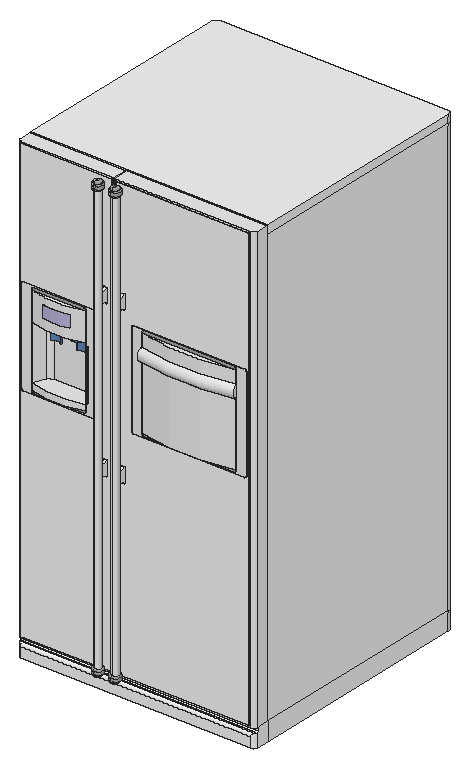
Revit family
Parameters (values of type "W912*D952*H1779")
  Manufacturer = ""
  Model = ""
  지지 재료 = 흰색, 광택
  측면 재료 = 흰색, 광택
  플라스틱 재료 = 플라스틱 - 심청색
  이름 재료 = 목재 - 보라색
  금속2 재료 = 금속 - 크롬(2)
  금속1 재료 = 스테인레스 스틸, 광택(2)
  프레임 재료 = 금속 - 크롬(2)
  면 재료 = 흰색, 광택
Reference planes
  plane 1 "중심(앞/뒤)": y = 0
  plane 2: z = 0
  plane 3 "중심(왼쪽/오른쪽)": x = -86
  plane 4: y = 476
  plane 5: y = -476
  plane 6: x = -456
  plane 7: x = 456
  plane 8: z = 1779
  plane 9: y = -416
  plane 10: y = -412
  plane 11: z = 924.5
  plane 12: z = 1299
  plane 13: z = 70
  plane 14: x = -81
  plane 15: z = 1749
Forms (mm)
  Extrusion 1, solid, material "흰색, 광택" <- "측면 재료"
    sketch origin (0, 0, 0) x (1, 0, 0) y (0, 1, 0)
      loop
        arc (-436, 476) -> (-450.142, 470.142) -> (-456, 456) r 20
        line (-456, 456) -> (-456, -412) -> (-426, -412) -> (-426, 446) -> (426, 446) -> (426, -412) -> (456, -412) -> (456, 456)
        arc (456, 456) -> (450.142, 470.142) -> (436, 476) r 20
        line (436, 476) -> (-436, 476)
    from 70 to 1749
  Extrusion 2, solid, material "흰색, 광택" <- "지지 재료"
    sketch origin (-86, 0, 0) x (0, 1, 0) y (0, 0, 1)
      loop
        line (-412, 0) -> (-412, 70) -> (-456, 70) -> (-456, 55)
        arc (-456, 55) -> (-457.464, 51.464) -> (-461, 50) r 5
        line (-461, 50) -> (-466, 50)
        arc (-466, 50) -> (-473.071, 47.071) -> (-476, 40) r 10
        line (-476, 40) -> (-476, 0) -> (-412, 0)
    from -370 to 542
  Extrusion 3, solid, material "금속 - 크롬(2)" <- "프레임 재료"
    sketch origin (0, 0, 0) x (1, 0, 0) y (0, 0, 1)
      loop
        line (-456, 1779) -> (-456, 70) -> (-86, 70) -> (-86, 1779) -> (-456, 1779)
      loop
        line (-451, 1774) -> (-451, 75) -> (-91, 75) -> (-91, 1774) -> (-451, 1774)
    from 416 to 476
  Extrusion 4, solid, material "금속 - 크롬(2)" <- "프레임 재료"
    sketch origin (0, 0, 0) x (1, 0, 0) y (0, 0, 1)
      loop
        line (-81, 1779) -> (-81, 70) -> (456, 70) -> (456, 1779) -> (-81, 1779)
      loop
        line (-76, 1774) -> (-76, 75) -> (436, 75) -> (436, 1774) -> (-76, 1774)
    from 416 to 476
  Extrusion 5, solid, material "흰색, 광택" <- "면 재료"
    sketch origin (0, 0, 0) x (1, 0, 0) y (0, 0, 1)
      loop
        line (-451, 1774) -> (-451, 75) -> (-91, 75) -> (-91, 1774) -> (-451, 1774)
      loop
        arc (-431, 1299) -> (-438.071, 1296.071) -> (-441, 1289) r 10
        line (-441, 1289) -> (-441, 934.5)
        arc (-441, 934.5) -> (-438.071, 927.429) -> (-431, 924.5) r 10
        line (-431, 924.5) -> (-161, 924.5)
        arc (-161, 924.5) -> (-153.929, 927.429) -> (-151, 934.5) r 10
        line (-151, 934.5) -> (-151, 1289)
        arc (-151, 1289) -> (-153.929, 1296.071) -> (-161, 1299) r 10
        line (-161, 1299) -> (-431, 1299)
    from 416 to 476
  Extrusion 6, solid, material "흰색, 광택" <- "면 재료"
    sketch origin (0, 0, 0) x (1, 0, 0) y (0, 0, 1)
      loop
        line (-76, 1774) -> (-76, 75) -> (436, 75) -> (436, 1774) -> (-76, 1774)
      loop
        arc (-6, 1299) -> (-13.071, 1296.071) -> (-16, 1289) r 10
        line (-16, 1289) -> (-16, 934.5)
        arc (-16, 934.5) -> (-13.071, 927.429) -> (-6, 924.5) r 10
        line (-6, 924.5) -> (416, 924.5)
        arc (416, 924.5) -> (423.071, 927.429) -> (426, 934.5) r 10
        line (426, 934.5) -> (426, 1289)
        arc (426, 1289) -> (423.071, 1296.071) -> (416, 1299) r 10
        line (416, 1299) -> (-6, 1299)
    from 416 to 476
  Extrusion 7, solid, material "흰색, 광택" <- "측면 재료"
    sketch origin (0, 0, 0) x (1, 0, 0) y (0, 1, 0)
      loop
        arc (-436, 476) -> (-450.142, 470.142) -> (-456, 456) r 20
        line (-456, 456) -> (-456, -412) -> (456, -412) -> (456, 456)
        arc (456, 456) -> (450.142, 470.142) -> (436, 476) r 20
        line (436, 476) -> (-436, 476)
    from 1749 to 1779
  Extrusion 8, solid, material "흰색, 광택" <- "측면 재료"
    sketch origin (0, 0, 1849) x (0, -1, 0) y (1, 0, 0)
      loop
        arc (-476, -436) -> (-470.142, -450.142) -> (-456, -456) r 20
        line (-456, -456) -> (412, -456) -> (412, 456) -> (-456, 456)
        arc (-456, 456) -> (-470.142, 450.142) -> (-476, 436) r 20
        line (-476, 436) -> (-476, -436)
    from -1849 to -1779
  Extrusion 9, solid, material "금속 - 크롬(2)" <- "프레임 재료"
    sketch origin (0, 0, 0) x (1, 0, 0) y (0, 0, 1)
      loop
        arc (-6, 1299) -> (-13.071, 1296.071) -> (-16, 1289) r 10
        line (-16, 1289) -> (-16, 934.5)
        arc (-16, 934.5) -> (-13.071, 927.429) -> (-6, 924.5) r 10
        line (-6, 924.5) -> (416, 924.5)
        arc (416, 924.5) -> (423.071, 927.429) -> (426, 934.5) r 10
        line (426, 934.5) -> (426, 1289)
        arc (426, 1289) -> (423.071, 1296.071) -> (416, 1299) r 10
        line (416, 1299) -> (-6, 1299)
      loop
        arc (34, 1294) -> (26.929, 1291.071) -> (24, 1284) r 10
        line (24, 1284) -> (24, 939.5)
        arc (24, 939.5) -> (26.929, 932.429) -> (34, 929.5) r 10
        line (34, 929.5) -> (376, 929.5)
        arc (376, 929.5) -> (383.071, 932.429) -> (386, 939.5) r 10
        line (386, 939.5) -> (386, 1284)
        arc (386, 1284) -> (383.071, 1291.071) -> (376, 1294) r 10
        line (376, 1294) -> (34, 1294)
    from 416 to 476
  Extrusion 10, solid, material "스테인레스 스틸, 광택(2)" <- "금속1 재료"
    sketch origin (0, 0, 0) x (1, 0, 0) y (0, 0, 1)
      loop
        line (24, 1284) -> (386, 1284)
        arc (386, 1284) -> (383.071, 1291.071) -> (376, 1294) r 10
        line (376, 1294) -> (34, 1294)
        arc (34, 1294) -> (26.929, 1291.071) -> (24, 1284) r 10
      loop
        line (34, 929.5) -> (376, 929.5)
        arc (376, 929.5) -> (383.071, 932.429) -> (386, 939.5) r 10
        line (386, 939.5) -> (24, 939.5)
        arc (24, 939.5) -> (26.929, 932.429) -> (34, 929.5) r 10
    from 416 to 476
  Extrusion 11, solid, material "금속 - 크롬(2)" <- "금속2 재료"
    sketch origin (0, 0, 0) x (1, 0, 0) y (0, 1, 0)
      loop
        line (24, -416) -> (24, -476)
        arc (24, -476) -> (205, -495.673) -> (386, -476) r 842.481
        line (386, -476) -> (386, -416) -> (24, -416)
    from 1234.651 to 1284
  Extrusion 12, solid, material "금속 - 크롬(2)" <- "금속2 재료"
    sketch origin (0, 0, 1879) x (0, -1, 0) y (1, 0, 0)
      loop
        line (416, 24) -> (476, 24)
        arc (476, 24) -> (495.673, 205) -> (476, 386) r 842.481
        line (476, 386) -> (416, 386) -> (416, 24)
    from -939.5 to -693.921
  Sweep 13, solid, material "금속 - 크롬(2)" <- "금속2 재료"
    path origin (0, 0, 0) x (1, 0, 0) y (0, 1, 0)
      loop
        arc (24, -476) -> (205, -495.673) -> (386, -476) r 842.481
    profile origin (205, 0, 0) x (0, 1, 0) y (0, 0, 1)
      loop
        line (-476, 1234.651) -> (-495.673, 1234.651)
        arc (-495.673, 1234.651) -> (-513.82, 1209.865) -> (-495.673, 1185.079) r 26
        line (-495.673, 1185.079) -> (-476, 1185.079) -> (-476, 1234.651)
  Extrusion 14, solid, material "금속 - 크롬(2)" <- "프레임 재료"
    sketch origin (0, 0, 0) x (1, 0, 0) y (0, 0, 1)
      loop
        arc (-431, 1299) -> (-438.071, 1296.071) -> (-441, 1289) r 10
        line (-441, 1289) -> (-441, 934.5)
        arc (-441, 934.5) -> (-438.071, 927.429) -> (-431, 924.5) r 10
        line (-431, 924.5) -> (-161, 924.5)
        arc (-161, 924.5) -> (-153.929, 927.429) -> (-151, 934.5) r 10
        line (-151, 934.5) -> (-151, 1289)
        arc (-151, 1289) -> (-153.929, 1296.071) -> (-161, 1299) r 10
        line (-161, 1299) -> (-431, 1299)
      loop
        line (-201, 1294) -> (-391, 1294)
        arc (-391, 1294) -> (-398.071, 1291.071) -> (-401, 1284) r 10
        line (-401, 1284) -> (-401, 939.5)
        arc (-401, 939.5) -> (-398.071, 932.429) -> (-391, 929.5) r 10
        line (-391, 929.5) -> (-201, 929.5)
        arc (-201, 929.5) -> (-193.929, 932.429) -> (-191, 939.5) r 10
        line (-191, 939.5) -> (-191, 1284)
        arc (-191, 1284) -> (-193.929, 1291.071) -> (-201, 1294) r 10
    from 387.549 to 476
  Extrusion 15, solid, material "금속 - 크롬(2)" <- "금속2 재료"
    sketch origin (0, 0, 0) x (1, 0, 0) y (0, 1, 0)
      loop
        arc (-401, -476) -> (-296, -492.535) -> (-191, -476) r 341.659
        line (-191, -476) -> (-191, -387.549) -> (-401, -387.549) -> (-401, -476)
    from 939.5 to 962.181
  Extrusion 16, solid, material "금속 - 크롬(2)" <- "금속2 재료"
    sketch origin (0, 0, 2598) x (0, -1, 0) y (1, 0, 0)
      loop
        arc (476, -401) -> (492.535, -296) -> (476, -191) r 341.659
        line (476, -191) -> (387.549, -191) -> (387.549, -401) -> (476, -401)
    from -1425.38 to -1314
  Extrusion 17, solid, material "목재 - 보라색" <- "이름 재료"
    sketch origin (0, 0, 0) x (1, 0, 0) y (0, 1, 0)
      loop
        arc (-347.014, -488.705) -> (-296, -494.649) -> (-244.986, -488.705) r 221.852
        arc (-244.986, -488.705) -> (-296, -492.535) -> (-347.014, -488.705) r 341.659
    from 1211.12 to 1256.852
  Extrusion 18, solid, material "금속 - 크롬(2)" <- "금속2 재료"
    sketch origin (0, 0, 0) x (1, 0, 0) y (0, 1, 0)
      loop
        line (-401, -476) -> (-383.951, -429.16)
        arc (-383.951, -429.16) -> (-376.629, -419.617) -> (-365.158, -416) r 20
        line (-365.158, -416) -> (-226.842, -416)
        arc (-226.842, -416) -> (-215.371, -419.617) -> (-208.049, -429.16) r 20
        line (-208.049, -429.16) -> (-191, -476) -> (-187.499, -471) -> (-203.35, -427.449)
        arc (-203.35, -427.449) -> (-212.503, -415.521) -> (-226.842, -411) r 25
        line (-226.842, -411) -> (-365.158, -411)
        arc (-365.158, -411) -> (-379.497, -415.521) -> (-388.65, -427.449) r 25
        line (-388.65, -427.449) -> (-404.501, -471) -> (-401, -476)
    from 962.181 to 1172.62
  Revolve 19, solid, material "플라스틱 - 심청색" <- "플라스틱 재료"
    sketch origin (13.042, -445.998, 0) x (1, 0, 0) y (0, 0, -1)
      loop
        line (-358.199, -1172.62) -> (-332.887, -1172.62) -> (-332.887, -1159.156) -> (-358.199, -1159.156) -> (-358.199, -1172.62)
      axis (-358.199, -1172.62) -> (-358.199, -1159.156)
    angle from 0 to 360
  Revolve 20, solid, material "플라스틱 - 심청색" <- "플라스틱 재료"
    sketch origin (-605.042, -445.998, 0) x (-1, 0, 0) y (0, 0, 1)
      loop
        line (-358.199, 1172.62) -> (-358.199, 1159.156) -> (-332.887, 1159.156) -> (-332.887, 1172.62) -> (-358.199, 1172.62)
      axis (-358.199, 1172.62) -> (-358.199, 1159.156)
    angle from 0 to 360
  Extrusion 21, solid, material "플라스틱 - 심청색" <- "플라스틱 재료"
    sketch origin (3.784, -0.049, 0) x (1, 0, 0) y (0, 1, 0)
      loop
        arc (-367.633, -429.024) -> (-350.266, -420.725) -> (-332.083, -427.04) r 25.312
        arc (-332.083, -427.04) -> (-329.344, -427.052) -> (-328.974, -424.338) r 2.078
        arc (-328.974, -424.338) -> (-350.499, -413.712) -> (-370.357, -427.196) r 23.842
        arc (-370.357, -427.196) -> (-369.786, -429.289) -> (-367.633, -429.024) r 1.658
    from 1103.364 to 1172.62
  Extrusion 22, solid, material "플라스틱 - 심청색" <- "플라스틱 재료"
    sketch origin (-595.784, -0.049, 0) x (-1, 0, 0) y (0, -1, 0)
      loop
        arc (-367.633, 429.024) -> (-369.786, 429.289) -> (-370.357, 427.196) r 1.658
        arc (-370.357, 427.196) -> (-350.499, 413.712) -> (-328.974, 424.338) r 23.842
        arc (-328.974, 424.338) -> (-329.344, 427.052) -> (-332.083, 427.04) r 2.078
        arc (-332.083, 427.04) -> (-350.266, 420.725) -> (-367.633, 429.024) r 25.312
    from 1103.364 to 1172.62
  Extrusion 23, solid, material "스테인레스 스틸, 광택(2)" <- "금속1 재료"
    sketch origin (-167, 0, 0) x (-1, 0, 0) y (0, 0, -1)
      loop
        arc (24, -1284) -> (26.929, -1291.071) -> (34, -1294) r 10
        line (34, -1294) -> (224, -1294)
        arc (224, -1294) -> (231.071, -1291.071) -> (234, -1284) r 10
        line (234, -1284) -> (24, -1284)
      loop
        arc (34, -929.5) -> (26.929, -932.429) -> (24, -939.5) r 10
        line (24, -939.5) -> (234, -939.5)
        arc (234, -939.5) -> (231.071, -932.429) -> (224, -929.5) r 10
        line (224, -929.5) -> (34, -929.5)
    from 416 to 476
  Extrusion 24, void
    sketch origin (0, 0, 0) x (1, 0, 0) y (0, 1, 0)
      loop
        line (-456, -461) -> (-456, -476) -> (-441, -476)
        arc (-441, -476) -> (-450.17, -470.17) -> (-456, -461) r 25
      loop
        arc (456, -461) -> (450.17, -470.17) -> (441, -476) r 25
        line (441, -476) -> (456, -476) -> (456, -461)
    from 0 to 1779
  Extrusion 25, solid, material "금속 - 크롬(2)" <- "금속2 재료"
    sketch origin (-86, 0, 0) x (0, 1, 0) y (0, 0, 1)
      loop
        line (-476, 741.487) -> (-476, 799.5)
        arc (-476, 799.5) -> (-491.036, 790.432) -> (-506.072, 799.5) r 17
        line (-506.072, 799.5) -> (-506.072, 741.487)
        arc (-506.072, 741.487) -> (-491.036, 750.97) -> (-476, 741.487) r 16.662
      loop
        arc (-476, 1393.972) -> (-490.825, 1384.453) -> (-506.072, 1393.281) r 16.913
        line (-506.072, 1393.281) -> (-506.072, 1338.5)
        arc (-506.072, 1338.5) -> (-491.036, 1347.568) -> (-476, 1338.5) r 17
        line (-476, 1338.5) -> (-476, 1393.972)
    from 32.028 to 42.632
  Extrusion 26, solid, material "금속 - 크롬(2)" <- "금속2 재료"
    sketch origin (-78.601, 0, 0) x (0, 1, 0) y (0, 0, -1)
      loop
        arc (-476, -741.495) -> (-490.796, -750.968) -> (-506.072, -742.291) r 17
        line (-506.072, -742.291) -> (-506.072, -799.5)
        arc (-506.072, -799.5) -> (-491.036, -790.432) -> (-476, -799.5) r 17
        line (-476, -799.5) -> (-476, -741.495)
      loop
        line (-476, -1393.52) -> (-476, -1338.5)
        arc (-476, -1338.5) -> (-491.036, -1347.568) -> (-506.072, -1338.5) r 17
        line (-506.072, -1338.5) -> (-506.072, -1393.52)
        arc (-506.072, -1393.52) -> (-491.036, -1384.452) -> (-476, -1393.52) r 17
    from 32.028 to 42.632
  Revolve 27, solid, material "금속 - 크롬(2)" <- "금속2 재료"
    sketch origin (-115.931, 5.701, 0) x (0, 1, 0) y (0, 0, -1)
      loop
        line (-506.072, -1749) -> (-506.072, -100) -> (-519.405, -100) -> (-519.405, -1749) -> (-506.072, -1749)
      axis (-519.405, -1749) -> (-519.405, -100)
    angle from 0 to 360
  Revolve 28, solid, material "금속 - 크롬(2)" <- "금속2 재료"
    sketch origin (-48.938, 5.389, 0) x (0, 1, 0) y (0, 0, 1)
      loop
        line (-506.072, 1749) -> (-519.405, 1749) -> (-519.405, 100) -> (-506.072, 100) -> (-506.072, 1749)
      axis (-519.405, 1749) -> (-519.405, 100)
    angle from 0 to 360
  Revolve 29, solid, material "스테인레스 스틸, 광택(2)" <- "금속1 재료"
    sketch origin (-115.931, 0, 0) x (0, 1, 0) y (0, 0, -1)
      loop
        line (-513.704, -1779) -> (-513.704, -1749) -> (-526.846, -1749)
        arc (-526.846, -1749) -> (-531.119, -1750.77) -> (-532.889, -1755.043) r 6.043
        line (-532.889, -1755.043) -> (-532.889, -1766.637)
        arc (-532.889, -1766.637) -> (-532.066, -1768.623) -> (-530.08, -1769.446) r 2.809
        line (-530.08, -1769.446) -> (-529.163, -1769.446)
        arc (-529.163, -1769.446) -> (-527.766, -1770.024) -> (-527.188, -1771.421) r 1.976
        line (-527.188, -1771.421) -> (-527.188, -1772.491)
        arc (-527.188, -1772.491) -> (-525.281, -1777.093) -> (-520.678, -1779) r 6.509
        line (-520.678, -1779) -> (-513.704, -1779)
      loop
        line (-513.704, -70) -> (-520.678, -70)
        arc (-520.678, -70) -> (-525.281, -71.907) -> (-527.188, -76.509) r 6.509
        line (-527.188, -76.509) -> (-527.188, -77.579)
        arc (-527.188, -77.579) -> (-527.766, -78.976) -> (-529.163, -79.554) r 1.976
        line (-529.163, -79.554) -> (-530.08, -79.554)
        arc (-530.08, -79.554) -> (-532.066, -80.377) -> (-532.889, -82.363) r 2.809
        line (-532.889, -82.363) -> (-532.889, -93.957)
        arc (-532.889, -93.957) -> (-531.119, -98.23) -> (-526.846, -100) r 6.043
        line (-526.846, -100) -> (-513.704, -100) -> (-513.704, -70)
      axis (-513.704, -1779) -> (-513.704, -70)
    angle from 0 to 360
  Revolve 30, solid, material "스테인레스 스틸, 광택(2)" <- "금속1 재료"
    sketch origin (-48.938, 0, 0) x (0, 1, 0) y (0, 0, 1)
      loop
        line (-513.704, 1779) -> (-520.678, 1779)
        arc (-520.678, 1779) -> (-525.281, 1777.093) -> (-527.188, 1772.491) r 6.509
        line (-527.188, 1772.491) -> (-527.188, 1771.421)
        arc (-527.188, 1771.421) -> (-527.766, 1770.024) -> (-529.163, 1769.446) r 1.976
        line (-529.163, 1769.446) -> (-530.08, 1769.446)
        arc (-530.08, 1769.446) -> (-532.066, 1768.623) -> (-532.889, 1766.637) r 2.809
        line (-532.889, 1766.637) -> (-532.889, 1755.043)
        arc (-532.889, 1755.043) -> (-531.119, 1750.77) -> (-526.846, 1749) r 6.043
        line (-526.846, 1749) -> (-513.704, 1749) -> (-513.704, 1779)
      loop
        line (-513.704, 70) -> (-513.704, 100) -> (-526.846, 100)
        arc (-526.846, 100) -> (-531.119, 98.23) -> (-532.889, 93.957) r 6.043
        line (-532.889, 93.957) -> (-532.889, 82.363)
        arc (-532.889, 82.363) -> (-532.066, 80.377) -> (-530.08, 79.554) r 2.809
        line (-530.08, 79.554) -> (-529.163, 79.554)
        arc (-529.163, 79.554) -> (-527.766, 78.976) -> (-527.188, 77.579) r 1.976
        line (-527.188, 77.579) -> (-527.188, 76.509)
        arc (-527.188, 76.509) -> (-525.281, 71.907) -> (-520.678, 70) r 6.509
        line (-520.678, 70) -> (-513.704, 70)
      axis (-513.704, 1779) -> (-513.704, 70)
    angle from 0 to 360
Cuts and joins
  Extrusion 24 cuts Extrusion 1
  Extrusion 24 cuts Extrusion 2
  Extrusion 24 cuts Extrusion 3
  Extrusion 24 cuts Extrusion 4
  Extrusion 24 cuts Extrusion 5
  Extrusion 24 cuts Extrusion 6
  Extrusion 24 cuts Extrusion 7
  Extrusion 24 cuts Extrusion 8
  Extrusion 24 cuts Extrusion 9
  Extrusion 24 cuts Extrusion 10
  Extrusion 24 cuts Extrusion 11
  Extrusion 24 cuts Extrusion 12
  Extrusion 24 cuts Sweep 13
  Extrusion 24 cuts Extrusion 14
  Extrusion 24 cuts Extrusion 15
  Extrusion 24 cuts Extrusion 16
  Extrusion 24 cuts Extrusion 17
  Extrusion 24 cuts Extrusion 18
  Extrusion 24 cuts Revolve 19
  Extrusion 24 cuts Revolve 20
  Extrusion 24 cuts Extrusion 21
  Extrusion 24 cuts Extrusion 22
  Extrusion 24 cuts Extrusion 23
Dimensions and locks
  locked: plane 5 to plane 4 at 952
  locked: plane 6 to plane 7 at 912
  locked: plane 8 to level at 1779
